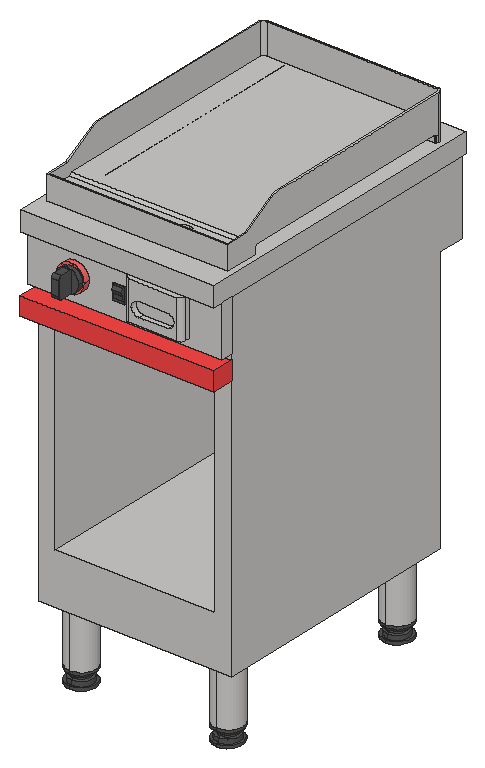
Revit family "ADB Electric grills cupboard 410", category Equipement spécialisé, Revit 2022
Family settings
  Cote de connecteur circulaire = Utiliser le diamètre
  Type d'élément = Normal
  Numéro OmniClass = 23.40.40.14.17.11
  Titre OmniClass = Cookers, Ovens, Stoves
  Basée sur le plan de construction = Non
  Toujours verticalement = Oui
  Couper avec des vides une fois chargée = Non
  Conserver l'orientation des annotations = Non
  Partagée = Non
  Repère de localisation dans la pièce = Non
Parameters (values of type "CME 410 SLKC")
  URL Cutsheet = "https://www.ambassade-de-bourgogne.com/fr/produits/armoires/grils/Resources/CME-410-SLKC.pdf"
  URL = "https://www.ambassade-de-bourgogne.com/fr/produits/armoires/grils/Resources/CME-410-SLKC.pdf"
  Electric Connection Type [instance] = "Bornier 40A"  # constant formula
  Item Number = ""
  Volts [instance] = 230 V  # constant formula
  Table = CME410 SLK_SLKC_gril électrique : SLKC
  Specification by Manufacturer = ""
  Electrical Remarks [instance] = "230V(MONO) commutable 400V(TRI)"  # constant formula
  Electric power [instance] = 3300 W  # constant formula
  Door hinges inversion option [instance] = no
  Depth [instance] = 652 mm + if([Wall-spacer DSA 400], 50 mm, 0 mm) + if(Door option CPM 400, 53 mm, 0 mm)  # 652 mm
  Door option CPM 400 [instance] = no
  Weight [instance] = 68.00 kg + if([Wall-spacer DSA 400], 1.00 kg, 0.00 kg) + if(Door option CPM 400, 5.00 kg, 0.00 kg)  # 68.00 kg
  Phase [instance] = 1  # constant formula
  Number of Poles [instance] = Phase  # 1
  Modèle = "CME 410 SLKC"
  Length [instance] = 400 mm  # constant formula
  Operational Current [instance] = Electric power / (230 V * Phase)  # 14.3478 A
  Height = 990 mm
  Cycle [instance] = 50 Hz  # constant formula
  Fabricant = "Société Industrielle de Lacanche"  # constant formula
  Elévation par défaut = 0 mm
  Shelves ECH 400 [instance] = no
  Wall-spacer DSA 400 [instance] = no
  Dosseret [instance] = if([Wall-spacer DSA 400], 50 mm, 0 mm)  # 0 mm
  Description = "Smooth chrome electric grill cupboard"
  Connectors [instance] = yes
  Commentaires du type = "Ambassade range - Electric grills & plancha"
  D = 740 mm
  C = 200 mm
Types (4, lengths in mm): name | URL Cutsheet | URL | Table | Modèle | Height | Description
  CME 410 GR | "https://www.ambassade-de-bourgogne.com/fr/produits/armoires/grils/Resources/CME-410-GR.pdf" | "https://www.ambassade-de-bourgogne.com/fr/produits/armoires/grils/Resources/CME-410-GR.pdf" | CME410 GR_GL_gril électrique : GR | "CME 410 GR" | 1015 | "Ridged cast iron electric grill cupboard"
  CME 410 GL | "https://www.ambassade-de-bourgogne.com/fr/produits/armoires/grils/Resources/CME-410-GL.pdf" | "https://www.ambassade-de-bourgogne.com/fr/produits/armoires/grils/Resources/CME-410-GL.pdf" | CME410 GR_GL_gril électrique : GL | "CME 410 GL" | 1015 | "Smooth cast iron electric grill cupboard"
  CME 410 SLK | "https://www.ambassade-de-bourgogne.com/fr/produits/armoires/grils/Resources/N53-CME_410_SLK.pdf" | "https://www.ambassade-de-bourgogne.com/fr/produits/armoires/grils/Resources/N53-CME_410_SLK.pdf" | CME410 SLK_SLKC_gril électrique : SLK | "CME 410 SLK" | 990 | "Smooth steel electric grill cupboard"
  CME 410 SLKC | "https://www.ambassade-de-bourgogne.com/fr/produits/armoires/grils/Resources/CME-410-SLKC.pdf" | "https://www.ambassade-de-bourgogne.com/fr/produits/armoires/grils/Resources/CME-410-SLKC.pdf" | CME410 SLK_SLKC_gril électrique : SLKC | "CME 410 SLKC" | 990 | "Smooth chrome electric grill cupboard"
Reference planes
  plane 1 "Centre (avant/arrière)": y = 0
  plane 2: z = 0
  plane 3 "Centre (gauche/droite)": x = 0
  plane 4 "gauche": x = -200
  plane 5 "droite": x = 200
  plane 6 "fond de meuble": y = 325
  plane 7 "avant": y = -325
  plane 8 "arrière": y = 325
  plane 9: z = 990
  plane 10: x = 0
  plane 11: z = 740
  plane 12: y = -327
Forms (mm)
  Extrusion 1, solid, material "ADB_Network_Electricity_Yellow", visible <- "Connectors", detail levels medium+fine
    sketch origin (200, 315, 707) x (-1, 0, 0) y (0, 0, 1)
      loop
        circle (200, 33) r 10
    from 0 to 10
  Extrusion 2, solid, detail levels coarse
    sketch origin (0, 0, 0) x (1, 0, 0) y (0, 1, 0)
      loop
        line (-200, 325.033) -> (-200, -327) -> (200, -327) -> (200, 325.033) -> (-200, 325.033)
    from 0 to 990 <- "Height"
  Extrusion 3, solid, material "ADB_Stainless Steel-Polished", detail levels fine
    sketch origin (121.5, 0, 0) x (1, 0, 0) y (0, 1, 0)
      loop
        arc (-110, -313.5) -> (-107.218, -320.218) -> (-100.5, -323) r 9.5
        line (-100.5, -323) -> (0.5, -323)
        arc (0.5, -323) -> (7.218, -320.218) -> (10, -313.5) r 9.5
        line (10, -313.5) -> (10, -306) -> (-110, -306) -> (-110, -313.5)
    from 770 to 850
  Extrusion 4, void
    sketch origin (309.416, -306, 860) x (-1, 0, 0) y (0, 0, -1)
      loop
        arc (267.812, 45) -> (282.812, 60) -> (267.812, 75) r 15
        line (267.812, 75) -> (208.021, 75)
        arc (208.021, 75) -> (193.021, 60) -> (208.021, 45) r 15
        line (208.021, 45) -> (267.812, 45)
    from 5 to 38.602
  Extrusion 5, solid, material "ADB_Plastic-Black", detail levels fine
    sketch origin (329, -306, 860) x (-1, 0, 0) y (0, 0, -1)
      loop
        line (352.5, 39.5) -> (352.5, 71.5) -> (327.5, 71.5) -> (327.5, 39.5) -> (352.5, 39.5)
    from 0 to 2
  Extrusion 6, solid, material "ADB_Plastic-Black", detail levels fine
    sketch origin (29, 0, 0.2) x (0, 1, 0) y (0, 0, 1)
      loop
        line (-308, 817.032) -> (-315.045, 811.027) -> (-309.906, 802.126) -> (-308, 792) -> (-308, 817.032)
    from -49.5 to -30.5
Cuts and joins
  Extrusion 4 cuts Extrusion 3
Dimensions and locks
  equal spacing: plane 5 "droite", plane 3 "Centre (gauche/droite)", plane 4 "gauche"
  "Length": plane 5 "droite" to plane 4 "gauche"
  plane 6 "fond de meuble" to plane 7 "avant" = 650 mm
  locked: plane 7 "avant" to plane 1 "Centre (avant/arrière)" at 325
  "Dosseret": plane 8 "arrière" to plane 6 "fond de meuble"
  "Height": plane 9 to plane 2
  "D": plane 2 to plane 11
  "C": plane 5 "droite" to plane 10
  locked: Extrusion 3 sketch curve to Extrusion 3 sketch curve at 120
  "Depth": plane 8 "arrière" to plane 12
  aligned and locked: level to plane 2
  aligned and locked: plane 3 "Centre (gauche/droite)" to nested 1
  aligned and locked: Extrusion 1 sketch curve to plane 10
  aligned and locked: plane 11 to Extrusion 1 sketch curve
  aligned and locked: plane 3 "Centre (gauche/droite)" to nested 3
  aligned and locked: Extrusion 2 to plane 12
Automatic sketch dimensions
  Extrusion 2 sketch curve to plane 4 "gauche" = 0 mm
  Extrusion 2 sketch curve to plane 5 "droite" = 0 mm
  Extrusion 2 sketch curve to plane 7 "avant" = 2 mm
  plane 8 "arrière" to Extrusion 2 sketch curve = 0.033 mm
  plane 4 "gauche" to Extrusion 3 sketch curve = 211.5 mm
  plane 7 "avant" to Extrusion 3 sketch curve = 11.5 mm
  Extrusion 3 sketch curve to Extrusion 3 sketch curve = 9.5 mm  (x2)
  plane 7 "avant" to Extrusion 3 sketch curve = 19 mm
  Extrusion 4 sketch curve to nested 1 = 45 mm
  nested 1 to Extrusion 4 sketch curve = 301.396 mm
  Extrusion 4 sketch curve to Extrusion 4 sketch curve = 59.792 mm
  Extrusion 4 sketch curve to Extrusion 4 sketch curve = 15 mm
  plane 3 "Centre (gauche/droite)" to Extrusion 5 sketch curve = 1.5 mm
  Extrusion 5 sketch curve to Extrusion 5 sketch curve = 25 mm
  Extrusion 5 sketch curve to plane 11 = 80.5 mm
  Extrusion 5 sketch curve to Extrusion 5 sketch curve = 32 mm
  plane 7 "avant" to Extrusion 6 sketch curve = 9.955 mm
  Extrusion 6 sketch curve to Extrusion 6 sketch curve = 5.139 mm
  Extrusion 6 sketch curve to Extrusion 6 sketch curve = 1.906 mm
  Extrusion 6 sketch curve to plane 11 = 52.2 mm
  Extrusion 6 sketch curve to Extrusion 6 sketch curve = 10.126 mm
  Extrusion 6 sketch curve to Extrusion 6 sketch curve = 8.901 mm
  Extrusion 6 sketch curve to Extrusion 6 sketch curve = 6.005 mm
  radius of Extrusion 1 sketch curve = 10 mm
Nested families
  nested 1: "Soubassement armoire" at (0, 0, 0), Dosseret <- "Wall-spacer DSA 400", Porte <- "Door option CPM 400", Door hinges inversion option <- "Door hinges inversion option", Echelle <- "Shelves ECH 400", type "1 armoire"
    with Depth 703 mm, Door hinges inversion option no, Porte no, Length 400 mm, Height 900 mm, Encombrement Porte standard no, Encombrement Porte inversée no, Echelle no, Décalage poignée 233.5 mm, Dosseret no, Longueur produit 400 mm
  nested 2: "Bouton" at (-103, -306, 804.565) x (1, 0, 0) z (0, -1, 0), type "Bouton"
  nested 3: "CME410 SLK_SLKC_gril électrique" at (0, 0, 900), type <- "Table", type "SLKC", detail levels medium+fine
Connectors
  electrical at (0, 315, 740), driven by "Number of Poles", driven by "Volts", driven by "Electric power"
    settings: on Extrusion 1, index 1, voltage 230 V, apparent load 3300 VA, apparent load phase1 0 VA, apparent load phase2 0 VA, apparent load phase3 0 VA, power factor 1, load classification "Autre", number of poles 1, system type 30, power factor state 1, is connector primary yes, connector utility no, sub classification motor no, connector description "Electrique"
Definition of nested family "Soubassement armoire"
  Parameters (values of type "1 armoire")
    Profondeur produit = 650 mm
    Profondeur baie libre = if(Baie libre, Profondeur produit - 68 mm, 1 mm)  # 582 mm
    Door hinges inversion option [instance] = no
    Longueur poignée = 229 mm  # constant formula
    Encombrement Porte inversée [instance] = and(Porte, Door hinges inversion option)  # no
    Encombrement Porte standard [instance] = and(Porte, not(Door hinges inversion option))  # no
    Porte [instance] = no
    Depth [instance] = Profondeur produit + if(Dosseret, 50 mm, 0 mm) + 53 mm  # 703 mm
    Longueur produit = 600 mm
    Length [instance] = Longueur produit  # 600 mm
    Hauteur produit = 900 mm
    Height [instance] = Hauteur produit + if(Dosseret, 100 mm, 0 mm)  # 900 mm
    Default Elevation = 0 mm
    Echelle [instance] = no
    Décalage poignée [instance] = if(Door hinges inversion option, Length, 233.5 mm)  # 233.5 mm
    Dosseret [instance] = no
    Baie libre = yes
  Reference planes
    plane 1 "Centre (avant/arrière)": y = 0
    plane 2: z = 0
    plane 3 "Centre (gauche/droite)": x = 0
    plane 4 "Gauche": x = -300
    plane 5 "Arrière": y = 325
    plane 6 "Droite": x = 300
    plane 7 "Avant": y = -325
    plane 8 "dessous meuble": z = 155
    plane 9 "Dessus de plan": z = 900
    plane 10 "Baguette coloré": z = 696
    plane 11 "dessous plan": z = 860
    plane 12 "Face": y = -280
    plane 13 "commande": z = 755
    plane 14 "dessus dosseret": z = 900
    plane 15: y = -377.967
    plane 16: y = 325.033
    plane 17 "Baguette colorë": y = -780
    plane 18: x = -66.5
  Forms (mm)
    Extrusion 1, solid, visible <- "Porte", detail levels medium+fine
      sketch origin (-300, 0, 0) x (0, 1, 0) y (0, 0, 1)
        loop
          line (-325, 155) -> (-280, 155) -> (-280, 696) -> (-325, 696) -> (-325, 155)
      from 0 to 600 <- "Length"
    Extrusion 2, solid, detail levels medium+fine
      sketch origin (-300, 0, 0) x (0, 1, 0) y (0, 0, 1)
        loop
          line (-280, 742.5) -> (-327, 742.5) -> (-327, 705) -> (-280, 705) -> (-280, 742.5)
      from 0 to 600 <- "Length"
    Extrusion 3, solid, detail levels medium+fine
      sketch origin (-300, 0, 0) x (0, 1, 0) y (0, 0, 1)
        loop
          line (325, 900) -> (-325, 900) -> (-325, 860) -> (325, 860) -> (325, 900)
      from 0 to 600 <- "Length"
    Extrusion 4, void
      sketch origin (0, -325, 0) x (-1, 0, 0) y (0, 0, 1)
        loop
          line (266, 679) -> (-266, 679) -> (-266, 261.5) -> (266, 261.5) -> (266, 679)
      from 0 to 582 <- "Profondeur baie libre"
    Extrusion 5, solid, detail levels medium+fine
      sketch origin (-300, 0, 0) x (0, 1, 0) y (0, 0, 1)
        loop
          line (-280, 860) -> (-306, 860) -> (-306, 755) -> (-280, 755) -> (-280, 860)
      from 0 to 600 <- "Length"
    Extrusion 6, solid, detail levels medium+fine
      sketch origin (-300, 0, 0) x (0, 1, 0) y (0, 0, 1)
        loop
          line (315, 860) -> (-280, 860) -> (-280, 155) -> (260, 155) -> (260, 707) -> (315, 707) -> (315, 860)
      from 0 to 600 <- "Length"
    Revolve 7, solid, detail levels medium+fine
      sketch origin (251.965, 0, 0) x (0, 1, 0) y (0, 0, -1)
        loop
          line (-258.968, -155) -> (-229, -155) -> (-229, 0) -> (-258.492, 0) -> (-258.492, -5) -> (-253.001, -5) -> (-253.001, -13.586) -> (-248.857, -16.488) -> (-248.857, -22) -> (-252.82, -22) -> (-258.968, -28.148) -> (-258.968, -34) -> (-258.968, -155)
        axis (-229, 0) -> (-229, -155)
      angle from 0 to 360
    Revolve 8, solid, detail levels medium+fine
      sketch origin (-251.965, 0, 0) x (0, 1, 0) y (0, 0, 1)
        loop
          line (-258.968, 155) -> (-258.968, 34) -> (-258.968, 28.148) -> (-252.82, 22) -> (-248.857, 22) -> (-248.857, 16.488) -> (-253.001, 13.586) -> (-253.001, 5) -> (-258.492, 5) -> (-258.492, 0) -> (-229, 0) -> (-229, 155) -> (-258.968, 155)
        axis (-229, 0) -> (-229, 155)
      angle from 0 to 360
    Revolve 9, solid, detail levels medium+fine
      sketch origin (-251.965, -20, 0) x (0, -1, 0) y (0, 0, -1)
        loop
          line (-258.968, -155) -> (-229, -155) -> (-229, 0) -> (-258.492, 0) -> (-258.492, -5) -> (-253.001, -5) -> (-253.001, -13.586) -> (-248.857, -16.488) -> (-248.857, -22) -> (-252.82, -22) -> (-258.968, -28.148) -> (-258.968, -34) -> (-258.968, -155)
        axis (-229, 0) -> (-229, -155)
      angle from 0 to 360
    Extrusion 10, solid, visible <- "Dosseret", detail levels medium+fine
      sketch origin (-300, 0, 0) x (0, 1, 0) y (0, 0, 1)
        loop
          line (375.033, 1000) -> (325, 1000) -> (325, 860) -> (375.033, 860) -> (375.033, 1000)
      from 0 to 600 <- "Length"
    Revolve 11, solid, detail levels medium+fine
      sketch origin (251.965, -20, 0) x (0, -1, 0) y (0, 0, 1)
        loop
          line (-258.968, 155) -> (-258.968, 34) -> (-258.968, 28.148) -> (-252.82, 22) -> (-248.857, 22) -> (-248.857, 16.488) -> (-253.001, 13.586) -> (-253.001, 5) -> (-258.492, 5) -> (-258.492, 0) -> (-229, 0) -> (-229, 155) -> (-258.968, 155)
        axis (-229, 0) -> (-229, 155)
      angle from 0 to 360
    Extrusion 12, void
      sketch origin (0, 0, 900) x (0, -1, 0) y (1, 0, 0)
        loop
          line (-307.033, -266.567) -> (-293.033, -266.567) -> (-293.033, 266.464) -> (-307.033, 266.464) -> (-307.033, -266.567)
      from 0 to -0.8
    Extrusion 13, solid, detail levels medium+fine
      sketch origin (-300, 260, 155) x (0, 0, 1) y (1, 0, 0)
        loop
          line (65, 454) -> (65, 146) -> (552, 146) -> (552, 454) -> (65, 454)
      from 0 to 35
    Extrusion 14, solid, visible <- "Echelle", detail levels medium+fine
      sketch origin (0, 0, 0) x (1, 0, 0) y (0, 0, 1)
        loop
          line (-266, 648.8) -> (-266, 623.8) -> (-256.5, 623.8) -> (-256.5, 625) -> (-264.8, 625) -> (-264.8, 647.6) -> (-248, 647.6) -> (-248, 648.8) -> (-266, 648.8)
        loop
          line (-266, 548.8) -> (-266, 523.8) -> (-256.5, 523.8) -> (-256.5, 525) -> (-264.8, 525) -> (-264.8, 547.6) -> (-248, 547.6) -> (-248, 548.8) -> (-266, 548.8)
        loop
          line (-266, 448.8) -> (-266, 423.8) -> (-256.5, 423.8) -> (-256.5, 425) -> (-264.8, 425) -> (-264.8, 447.6) -> (-248, 447.6) -> (-248, 448.8) -> (-266, 448.8)
        loop
          line (-266, 348.8) -> (-266, 323.8) -> (-256.5, 323.8) -> (-256.5, 325) -> (-264.8, 325) -> (-264.8, 347.6) -> (-248, 347.6) -> (-248, 348.8) -> (-266, 348.8)
      from -113.466 to 206.5
    Extrusion 15, solid, visible <- "Echelle", detail levels medium+fine
      sketch origin (0, 0, 0) x (-1, 0, 0) y (0, 0, -1)
        loop
          line (-266, -648.8) -> (-248, -648.8) -> (-248, -647.6) -> (-264.8, -647.6) -> (-264.8, -625) -> (-256.5, -625) -> (-256.5, -623.8) -> (-266, -623.8) -> (-266, -648.8)
        loop
          line (-266, -548.8) -> (-248, -548.8) -> (-248, -547.6) -> (-264.8, -547.6) -> (-264.8, -525) -> (-256.5, -525) -> (-256.5, -523.8) -> (-266, -523.8) -> (-266, -548.8)
        loop
          line (-266, -448.8) -> (-248, -448.8) -> (-248, -447.6) -> (-264.8, -447.6) -> (-264.8, -425) -> (-256.5, -425) -> (-256.5, -423.8) -> (-266, -423.8) -> (-266, -448.8)
        loop
          line (-266, -348.8) -> (-248, -348.8) -> (-248, -347.6) -> (-264.8, -347.6) -> (-264.8, -325) -> (-256.5, -325) -> (-256.5, -323.8) -> (-266, -323.8) -> (-266, -348.8)
      from -113.466 to 206.5
  Cuts and joins
    Extrusion 4 cuts Extrusion 6
    Extrusion 12 cuts Extrusion 10
  Lines and regions (mm)
    symbolic lines, visible <- "Encombrement Porte standard"
      curve 1: line (300, -280, 155) -> (300, -880, 155)
      curve 4: arc (-300, -280, 155) -> (-124.264, -704.264, 155) -> (300, -880, 155) r 600
    symbolic lines, visible <- "Encombrement Porte inversée"
      curve 2: line (-300, -280, 155) -> (-300, -880, 155)
      curve 3: arc (300, -280, 155) -> (124.264, -704.264, 155) -> (-300, -880, 155) r 600
  Dimensions and locks
    equal spacing: plane 7 "Avant", plane 1 "Centre (avant/arrière)", plane 5 "Arrière"
    "Profondeur produit": plane 5 "Arrière" to plane 7 "Avant"
    equal spacing: plane 4 "Gauche", plane 3 "Centre (gauche/droite)", plane 6 "Droite"
    "Longueur produit": plane 4 "Gauche" to plane 6 "Droite"
    "Hauteur produit": plane 9 "Dessus de plan" to plane 2
    locked: plane 8 "dessous meuble" to plane 2 at 155
    locked: plane 9 "Dessus de plan" to plane 11 "dessous plan" at 40
    locked: plane 7 "Avant" to plane 12 "Face" at 45
    locked: plane 13 "commande" to plane 10 "Baguette coloré" at 59
    locked: plane 11 "dessous plan" to plane 13 "commande" at 105
    Extrusion 4 sketch curve to plane 8 "dessous meuble" = 106.5 mm
    Extrusion 4 sketch curve to plane 6 "Droite" = 34 mm
    Extrusion 4 sketch curve to plane 4 "Gauche" = 34 mm
    plane 10 "Baguette coloré" to Extrusion 4 sketch curve = 17 mm
    "Height": plane 14 "dessus dosseret" to plane 2
    locked: plane 7 "Avant" to plane 15 at 52.967
    "Depth": plane 15 to plane 16
    equal spacing: Extrusion 13 sketch curve, plane 3 "Centre (gauche/droite)", Extrusion 13 sketch curve
    "Décalage poignée": plane 18 to plane 4 "Gauche"
    locked: plane 4 "Gauche" to Revolve 9 at 18.067
    locked: Revolve 11 to plane 6 "Droite" at 18.067
    locked: Revolve 7 to plane 6 "Droite" at 18.067
    locked: plane 4 "Gauche" to Revolve 8 at 18.067
    locked: Revolve 8 to plane 12 "Face" at 21.032
    locked: Revolve 7 to plane 12 "Face" at 21.032
    locked: plane 5 "Arrière" to Extrusion 10 sketch curve at 50.033
    plane 16 to Extrusion 12 sketch curve to Extrusion 12 sketch curve = 18 mm locked, 14 mm locked
    aligned and locked: level to plane 2
    aligned and locked: plane 18 to nested 1
  Automatic sketch dimensions
    Extrusion 1 sketch curve to plane 7 "Avant" = 0 mm
    Extrusion 1 sketch curve to plane 10 "Baguette coloré" = 0 mm
    Extrusion 1 sketch curve to plane 12 "Face" = 0 mm
    Extrusion 1 sketch curve to plane 8 "dessous meuble" = 0 mm
    Extrusion 2 sketch curve to plane 12 "Face" = 0 mm
    Extrusion 2 sketch curve to plane 7 "Avant" = 2 mm
    plane 10 "Baguette coloré" to Extrusion 2 sketch curve = 9 mm
    Extrusion 2 sketch curve to plane 13 "commande" = 12.5 mm
    Extrusion 3 sketch curve to plane 7 "Avant" = 0 mm
    Extrusion 3 sketch curve to plane 5 "Arrière" = 0 mm
    Extrusion 3 sketch curve to plane 11 "dessous plan" = 0 mm
    Extrusion 3 sketch curve to plane 9 "Dessus de plan" = 0 mm
    Extrusion 5 sketch curve to plane 11 "dessous plan" = 0 mm
    Extrusion 5 sketch curve to plane 13 "commande" = 0 mm
    Extrusion 5 sketch curve to plane 12 "Face" = 0 mm
    plane 7 "Avant" to Extrusion 5 sketch curve = 19 mm
    Extrusion 6 sketch curve to plane 11 "dessous plan" = 0 mm
    Extrusion 6 sketch curve to plane 12 "Face" = 0 mm
    Extrusion 6 sketch curve to plane 8 "dessous meuble" = 0 mm
    Extrusion 6 sketch curve to plane 5 "Arrière" = 65 mm
    Extrusion 6 sketch curve to plane 5 "Arrière" = 10 mm
    plane 10 "Baguette coloré" to Extrusion 6 sketch curve = 11 mm
    Revolve 7 sketch curve to plane 8 "dessous meuble" = 0 mm
    Revolve 7 sketch curve to level = 0 mm
    plane 12 "Face" to Revolve 7 sketch curve = 21.032 mm
    plane 12 "Face" to Revolve 7 sketch curve = 21.508 mm
    Revolve 7 sketch curve to Revolve 7 sketch curve = 5.491 mm
    Revolve 7 sketch curve to Revolve 7 sketch curve = 0.181 mm
    Revolve 7 sketch curve to Revolve 7 sketch curve = 3.964 mm
    Revolve 7 sketch curve to Revolve 7 sketch curve = 24.001 mm
    level to Revolve 7 sketch curve = 34 mm
    Revolve 7 sketch curve to Revolve 7 sketch curve = 5.852 mm
    Revolve 7 sketch curve to Revolve 7 sketch curve = 6.148 mm
    Revolve 7 sketch curve to Revolve 7 sketch curve = 5.512 mm
    Revolve 7 sketch curve to Revolve 7 sketch curve = 2.902 mm
    level to Revolve 7 sketch curve = 5 mm
    Revolve 7 sketch curve to Revolve 7 sketch curve = 0 mm
    plane 8 "dessous meuble" to Revolve 7 sketch curve = 19 mm
    Revolve 7 sketch curve to Revolve 7 sketch curve = 12 mm
    Revolve 8 sketch curve to plane 8 "dessous meuble" = 0 mm
    Revolve 8 sketch curve to level = 0 mm
    plane 12 "Face" to Revolve 8 sketch curve = 21.032 mm
    plane 12 "Face" to Revolve 8 sketch curve = 21.508 mm
    Revolve 8 sketch curve to Revolve 8 sketch curve = 5.491 mm
    Revolve 8 sketch curve to Revolve 8 sketch curve = 0.181 mm
    Revolve 8 sketch curve to Revolve 8 sketch curve = 3.964 mm
    Revolve 8 sketch curve to Revolve 8 sketch curve = 24.001 mm
    level to Revolve 8 sketch curve = 5 mm
    Revolve 8 sketch curve to Revolve 8 sketch curve = 8.586 mm
    Revolve 8 sketch curve to Revolve 8 sketch curve = 2.902 mm
    Revolve 8 sketch curve to Revolve 8 sketch curve = 5.512 mm
    Revolve 8 sketch curve to Revolve 8 sketch curve = 6.148 mm
    Revolve 8 sketch curve to Revolve 8 sketch curve = 5.852 mm
    Revolve 8 sketch curve to Revolve 8 sketch curve = 0 mm
    Revolve 8 sketch curve to Revolve 8 sketch curve = 12 mm
    plane 8 "dessous meuble" to Revolve 8 sketch curve = 19 mm
    Revolve 9 sketch curve to plane 8 "dessous meuble" = 0 mm
    Revolve 9 sketch curve to level = 0 mm
    level to Revolve 9 sketch curve = 28.148 mm
    Revolve 9 sketch curve to plane 5 "Arrière" = 86.032 mm
    Revolve 9 sketch curve to Revolve 9 sketch curve = 0.477 mm
    level to Revolve 9 sketch curve = 13.586 mm
    Revolve 9 sketch curve to Revolve 9 sketch curve = 5.491 mm
    Revolve 9 sketch curve to Revolve 9 sketch curve = 0.181 mm
    Revolve 9 sketch curve to Revolve 9 sketch curve = 3.964 mm
    Revolve 9 sketch curve to Revolve 9 sketch curve = 24.001 mm
    Revolve 9 sketch curve to Revolve 9 sketch curve = 5.852 mm
    Revolve 9 sketch curve to Revolve 9 sketch curve = 8.414 mm
    Revolve 9 sketch curve to Revolve 9 sketch curve = 2.902 mm
    level to Revolve 9 sketch curve = 5 mm
    Revolve 9 sketch curve to Revolve 9 sketch curve = 0 mm
    plane 8 "dessous meuble" to Revolve 9 sketch curve = 19 mm
    Revolve 9 sketch curve to Revolve 9 sketch curve = 12 mm
    Extrusion 10 sketch curve to plane 5 "Arrière" = 0 mm
    Extrusion 10 sketch curve to plane 11 "dessous plan" = 0 mm
    plane 9 "Dessus de plan" to Extrusion 10 sketch curve = 100 mm
    curve 3 to plane 6 "Droite" = 0 mm
    curve 3 to plane 4 "Gauche" = 0 mm
    curve 4 to plane 4 "Gauche" = 0 mm
    curve 4 to plane 12 "Face" = 0 mm
    curve 2 to plane 12 "Face" = 0 mm
    curve 3 to plane 12 "Face" = 0 mm
    Revolve 11 sketch curve to plane 8 "dessous meuble" = 0 mm
    Revolve 11 sketch curve to level = 0 mm
    level to Revolve 11 sketch curve = 28.148 mm
    Revolve 11 sketch curve to plane 5 "Arrière" = 86.032 mm
    Revolve 11 sketch curve to Revolve 11 sketch curve = 0.477 mm
    level to Revolve 11 sketch curve = 13.586 mm
    Revolve 11 sketch curve to Revolve 11 sketch curve = 5.491 mm
    Revolve 11 sketch curve to Revolve 11 sketch curve = 0.181 mm
    Revolve 11 sketch curve to Revolve 11 sketch curve = 3.964 mm
    Revolve 11 sketch curve to Revolve 11 sketch curve = 24.001 mm
    level to Revolve 11 sketch curve = 5 mm
    Revolve 11 sketch curve to Revolve 11 sketch curve = 2.902 mm
    Revolve 11 sketch curve to Revolve 11 sketch curve = 5.512 mm
    Revolve 11 sketch curve to Revolve 11 sketch curve = 5.852 mm
    Revolve 11 sketch curve to Revolve 11 sketch curve = 0 mm
    Revolve 11 sketch curve to Revolve 11 sketch curve = 12 mm
    plane 8 "dessous meuble" to Revolve 11 sketch curve = 19 mm
    plane 4 "Gauche" to Extrusion 12 sketch curve = 33.433 mm
    plane 6 "Droite" to Extrusion 12 sketch curve = 33.536 mm
    Extrusion 13 sketch curve to Extrusion 6 = 0 mm
    Extrusion 6 to Extrusion 13 sketch curve = 65 mm
    Extrusion 6 to Extrusion 13 sketch curve = 146 mm
    plane 4 "Gauche" to Extrusion 14 sketch curve = 34 mm  (x4)
    Extrusion 14 sketch curve to Extrusion 14 sketch curve = 1.2 mm  (x12)
    Extrusion 14 sketch curve to Extrusion 14 sketch curve = 8.3 mm  (x4)
    Extrusion 14 sketch curve to Extrusion 14 sketch curve = 16.8 mm  (x4)
    plane 8 "dessous meuble" to Extrusion 14 sketch curve = 168.8 mm
    Extrusion 14 sketch curve to Extrusion 14 sketch curve = 22.6 mm  (x4)
    Extrusion 14 sketch curve to Extrusion 14 sketch curve = 75 mm  (x2)
    Extrusion 14 sketch curve to plane 10 "Baguette coloré" = 72.2 mm
    plane 6 "Droite" to Extrusion 15 sketch curve = 34 mm  (x4)
    Extrusion 15 sketch curve to Extrusion 15 sketch curve = 1.2 mm  (x12)
    Extrusion 15 sketch curve to Extrusion 15 sketch curve = 8.3 mm  (x4)
    Extrusion 15 sketch curve to Extrusion 15 sketch curve = 16.8 mm  (x4)
    Extrusion 15 sketch curve to plane 10 "Baguette coloré" = 47.2 mm
    Extrusion 15 sketch curve to Extrusion 15 sketch curve = 22.6 mm  (x4)
    Extrusion 15 sketch curve to Extrusion 15 sketch curve = 75 mm  (x3)
    curve 1 to plane 6 "Droite" = 0 mm
    curve 1 to plane 12 "Face" = 0 mm
  Nested families
    nested 1: "Poignée" at (-181, -325, 681.933) x (1, 0, 0) z (0, -1, 0), visible <- "Porte", Longueur <- "Longueur poignée", type "Poignée", detail levels fine
      with Longueur 229 mm
  Definition of nested family "Poignée"
    Parameters (values of type "Poignée")
      Longueur [instance] = 800 mm
      Default Elevation = 1219.2 mm
    Reference planes
      plane 1 "Centre (avant/arrière)": y = 0
      plane 2: z = 0
      plane 3 "Centre (gauche/droite)": x = 0
      plane 4: x = -400
      plane 5: x = 400
      plane 6: x = -395
      plane 7: x = 395
    Forms (mm)
      Extrusion 1, solid
        sketch origin (0, 0, 0) x (1, 0, 0) y (0, 1, 0)
          loop
            line (-1219.2, 1219.2) -> (-1219.2, -1219.2) -> (1219.2, -1219.2) -> (1219.2, 1219.2) -> (-1219.2, 1219.2)
        from 0 to -304.8
      Extrusion 2, solid
        sketch origin (0, 0, 0) x (0, 1, 0) y (0, 0, 1)
          loop
            circle (0, 38.995) r 13.972
        from -395 to 395
      Extrusion 3, solid
        sketch origin (0, 0, 0) x (1, 0, 0) y (0, 1, 0)
          loop
            circle (-363.542, 0) r 8.5
          loop
            circle (363.453, 0) r 8.5
        from 0 to 37.089
    Cuts and joins
      joined: Extrusion 2, Extrusion 3
    Dimensions and locks
      equal spacing: plane 4, plane 3 "Centre (gauche/droite)", plane 5
      "Longueur": plane 4 to plane 5
      locked: plane 4 to plane 6 at 5
      locked: plane 7 to plane 5 at 5
      locked: plane 6 to Extrusion 3 sketch curve at 31.458
      locked: Extrusion 3 sketch curve to plane 7 at 31.547
      aligned and locked: plane 2 to Extrusion 1
      aligned and locked: level to Extrusion 1
      aligned and locked: plane 6 to Extrusion 2
      aligned and locked: Extrusion 2 to plane 7
      aligned and locked: plane 1 "Centre (avant/arrière)" to Extrusion 3 sketch curve
    Automatic sketch dimensions
      Extrusion 1 sketch curve to Extrusion 1 sketch curve = 2438.4 mm  (x2)
      Extrusion 2 sketch curve to plane 1 "Centre (avant/arrière)" = 0 mm
      level to Extrusion 2 sketch curve = 38.995 mm
      plane 1 "Centre (avant/arrière)" to Extrusion 3 sketch curve = 0 mm
      radius of Extrusion 2 sketch curve = 13.972 mm
      radius of Extrusion 3 sketch curve = 8.5 mm  (x2)
Definition of nested family "Bouton"
  Parameters (values of type "Bouton")
    Matériau base bouton = none
    Default Elevation = 1219.2 mm
  Reference planes
    plane 1 "Centre (avant/arrière)": y = 0
    plane 2: z = 0
    plane 3 "Centre (gauche/droite)": x = 0
  Forms (mm)
    Extrusion 1, solid
      sketch origin (0, 0, 0) x (1, 0, 0) y (0, 1, 0)
        loop
          line (-1219.2, 1219.2) -> (-1219.2, -1219.2) -> (1219.2, -1219.2) -> (1219.2, 1219.2) -> (-1219.2, 1219.2)
      from 0 to -304.8
    Extrusion 2, solid, material <- "Matériau base bouton", detail levels fine
      sketch origin (0, 0, 0) x (1, 0, 0) y (0, 1, 0)
        loop
          circle (0, 0) r 28.5
      from 0 to 11.5
    Extrusion 3, solid, detail levels fine
      sketch origin (0, 0, 0) x (1, 0, 0) y (0, 1, 0)
        loop
          circle (0, 0) r 24.1
      from 11.5 to 20.5
    Extrusion 4, solid, detail levels fine
      sketch origin (0, 0, 0) x (1, 0, 0) y (0, 0, 1)
        loop
          line (-8.082, 20.5) -> (8.082, 20.5) -> (7.58, 49.253)
          arc (7.58, 49.253) -> (6.684, 51.34) -> (4.581, 52.2) r 3
          line (4.581, 52.2) -> (-4.581, 52.2)
          arc (-4.581, 52.2) -> (-6.684, 51.34) -> (-7.58, 49.253) r 3
          line (-7.58, 49.253) -> (-8.082, 20.5)
      from -22.082 to 22.162
    Extrusion 5, void
      sketch origin (0, 0, 0) x (0, 1, 0) y (0, 0, 1)
        loop
          line (-15.762, 50.701) -> (15.682, 50.701)
          arc (15.682, 50.701) -> (20.208, 48.826) -> (22.082, 44.301) r 6.4
          line (22.082, 44.301) -> (22.082, 41.701) -> (24.232, 41.701) -> (24.232, 54.688) -> (-24.768, 54.688) -> (-24.768, 41.701) -> (-22.162, 41.701) -> (-22.162, 44.301)
          arc (-22.162, 44.301) -> (-20.287, 48.826) -> (-15.762, 50.701) r 6.4
      from -15.908 to 13.709
  Cuts and joins
    Extrusion 5 cuts Extrusion 4
  Lines and regions (mm)
    symbolic lines, detail levels fine
      curve 1: line (0, -28.5, 0) -> (0, 28.5, 0)
  Dimensions and locks
    aligned and locked: plane 2 to Extrusion 1
    aligned and locked: level to Extrusion 1
Definition of nested family "CME410 SLK_SLKC_gril électrique"
  Parameters (values of type "SLKC")
    Longueur plancha = Longueur - 26 mm  # 374 mm
    Habillage = none
    Longueur = 400 mm
    Largeur = 650 mm
    Default Elevation = 1219.2 mm
  Types (3): name
    (no name)
    SLK
    SLKC
  Reference planes
    plane 1 "Centre (avant/arrière)": y = 0
    plane 2: z = 0
    plane 3 "Centre (gauche/droite)": x = 0
    plane 4: y = 325
    plane 5: y = -325
    plane 6: x = 200
    plane 7: x = -200
    plane 8: x = -187
    plane 9: x = 187
  Forms (mm)
    Extrusion 1, solid
      sketch origin (0, 0, 0) x (1, 0, 0) y (0, 1, 0)
        loop
          line (-1219.2, 1219.2) -> (-1219.2, -1219.2) -> (1219.2, -1219.2) -> (1219.2, 1219.2) -> (-1219.2, 1219.2)
      from 0 to -304.8
    Extrusion 2, solid, material <- "Habillage"
      sketch origin (0, 0, 0) x (1, 0, 0) y (0, 1, 0)
        loop
          line (-187, 272.048) -> (-187, -273.983) -> (187, -273.983) -> (187, 272.048)
          arc (187, 272.048) -> (183.778, 279.826) -> (176, 283.048) r 11
          line (176, 283.048) -> (-176, 283.048)
          arc (-176, 283.048) -> (-183.778, 279.826) -> (-187, 272.048) r 11
        loop
          line (-184, 272.048) -> (-184, -270.983) -> (184, -270.983) -> (184, 272.048)
          arc (184, 272.048) -> (181.657, 277.705) -> (176, 280.048) r 8
          line (176, 280.048) -> (-176, 280.048)
          arc (-176, 280.048) -> (-181.657, 277.705) -> (-184, 272.048) r 8
      from 0 to 92.033
    Extrusion 3, void
      sketch origin (0, 0, 0) x (0, 1, 0) y (0, 0, 1)
        loop
          line (-104, 112) -> (-285.597, 112) -> (-285.597, 49.448) -> (-223.976, 49.403) -> (-161.719, 85.347)
          arc (-161.719, 85.347) -> (-149.684, 90.332) -> (-136.769, 92.033) r 49.9
          line (-136.769, 92.033) -> (-104, 92.033) -> (-104, 112)
      from -200 to 200
    Extrusion 4, solid, material <- "Habillage"
      sketch origin (0, 0.952, 0) x (1, 0, 0) y (0, 1, 0)
        loop
          line (176, 279.096) -> (-176, 279.096)
          arc (-176, 279.096) -> (-181.657, 276.753) -> (-184, 271.096) r 8
          line (-184, 271.096) -> (-184, -271.935) -> (184, -271.935) -> (184, 271.096)
          arc (184, 271.096) -> (181.657, 276.753) -> (176, 279.096) r 8
      from 0 to 29.492
    Extrusion 5, void
      sketch origin (0, 0, 0) x (0, 1, 0) y (0, 0, 1)
        loop
          line (-266.126, 28.524) -> (-261.04, 23.612) -> (-221.046, 24.309) -> (-210.298, 35.437) -> (-270.983, 35.437) -> (-270.983, 28.44) -> (-266.126, 28.524)
      from -280 to 280
    Extrusion 6, void
      sketch origin (0, 0, 0) x (1, 0, 0) y (0, 1, 0)
        loop
          circle (72.021, -245.004) r 15
      from 0 to 61.472
    Extrusion 7, void
      sketch origin (0, 0, 0) x (0, 1, 0) y (0, 0, 1)
        loop
          line (-203.012, 12.383) -> (-203.012, 0) -> (266.988, 0) -> (266.988, 11.783)
          arc (266.988, 11.783) -> (265.348, 15.743) -> (261.388, 17.383) r 5.6
          line (261.388, 17.383) -> (-198.012, 17.383)
          arc (-198.012, 17.383) -> (-201.548, 15.919) -> (-203.012, 12.383) r 5
      from -200 to 200
    Extrusion 8, void
      sketch origin (0, 0, 0) x (1, 0, 0) y (0, 0, 1)
        loop
          line (135, 25.033) -> (-135, 25.033)
          arc (-135, 25.033) -> (-138.536, 23.568) -> (-140, 20.033) r 5
          line (-140, 20.033) -> (-140, 0) -> (140, 0) -> (140, 20.033)
          arc (140, 20.033) -> (138.536, 23.568) -> (135, 25.033) r 5
      from -325 to 203.012
  Cuts and joins
    Extrusion 3, Extrusion 7, Extrusion 8 cuts Extrusion 2
    Extrusion 5, Extrusion 6, Extrusion 7, Extrusion 8 cuts Extrusion 4
  Dimensions and locks
    "Largeur": plane 5 to plane 4
    "Longueur": plane 7 to plane 6
    "Longueur plancha": plane 8 to plane 9
    equal spacing: plane 7, plane 3 "Centre (gauche/droite)", plane 6
    equal spacing: plane 8, plane 3 "Centre (gauche/droite)", plane 9
    aligned and locked: plane 2 to Extrusion 1
    aligned and locked: level to Extrusion 1
    aligned and locked: plane 8 to Extrusion 2 sketch curve
    aligned and locked: plane 9 to Extrusion 2 sketch curve
  Automatic sketch dimensions
    Extrusion 1 sketch curve to Extrusion 1 sketch curve = 2438.4 mm  (x2)
    Extrusion 4 sketch curve to plane 5 = 54.017 mm
    plane 4 to Extrusion 4 sketch curve = 52.952 mm
    Extrusion 6 sketch curve to plane 5 = 79.996 mm
    Extrusion 4 sketch curve to plane 7 = 24 mm
    Extrusion 4 sketch curve to plane 7 = 16 mm
    plane 3 "Centre (gauche/droite)" to Extrusion 6 sketch curve = 72.021 mm
    plane 6 to Extrusion 4 sketch curve = 24 mm
    plane 9 to Extrusion 4 sketch curve = 3 mm
    Extrusion 2 sketch curve to plane 8 = 3 mm
    Extrusion 2 sketch curve to Extrusion 2 sketch curve = 8 mm
    Extrusion 2 sketch curve to Extrusion 2 sketch curve = 0 mm  (x3)
    plane 9 to Extrusion 2 sketch curve = 11 mm
    plane 9 to Extrusion 2 sketch curve = 3 mm
    Extrusion 2 sketch curve to plane 5 = 51.017 mm
    Extrusion 2 sketch curve to Extrusion 2 sketch curve = 3 mm
    plane 4 to Extrusion 2 sketch curve = 52.952 mm
    Extrusion 3 sketch curve to plane 5 = 39.403 mm
    level to Extrusion 3 sketch curve = 49.403 mm
    Extrusion 3 sketch curve to Extrusion 3 sketch curve = 61.621 mm
    Extrusion 3 sketch curve to Extrusion 3 sketch curve = 62.257 mm
    Extrusion 3 sketch curve to Extrusion 3 sketch curve = 24.95 mm
    level to Extrusion 3 sketch curve = 42.133 mm
    Extrusion 3 sketch curve to Extrusion 3 sketch curve = 43.215 mm
    Extrusion 3 sketch curve to Extrusion 3 sketch curve = 62.597 mm
    Extrusion 3 sketch curve to Extrusion 3 sketch curve = 32.769 mm
    level to Extrusion 3 sketch curve = 49.448 mm
    level to Extrusion 5 sketch curve = 28.44 mm
    Extrusion 5 sketch curve to plane 5 = 58.874 mm
    level to Extrusion 5 sketch curve = 23.612 mm
    Extrusion 5 sketch curve to Extrusion 5 sketch curve = 5.086 mm
    level to Extrusion 5 sketch curve = 24.309 mm
    Extrusion 5 sketch curve to Extrusion 5 sketch curve = 39.994 mm
    Extrusion 5 sketch curve to Extrusion 5 sketch curve = 4.857 mm
    Extrusion 5 sketch curve to Extrusion 5 sketch curve = 10.748 mm
    Extrusion 5 sketch curve to Extrusion 5 sketch curve = 0.085 mm
    Extrusion 5 sketch curve to Extrusion 5 sketch curve = 6.998 mm
    level to Extrusion 7 sketch curve = 12.383 mm
    Extrusion 7 sketch curve to plane 5 = 121.988 mm
    Extrusion 7 sketch curve to Extrusion 7 sketch curve = 5 mm
    level to Extrusion 7 sketch curve = 11.783 mm
    plane 4 to Extrusion 7 sketch curve = 63.612 mm
    Extrusion 7 sketch curve to level = 0 mm
    Extrusion 8 sketch curve to plane 8 = 47 mm
    Extrusion 8 sketch curve to Extrusion 8 sketch curve = 5 mm  (x2)
    level to Extrusion 8 sketch curve = 20.033 mm
    plane 9 to Extrusion 8 sketch curve = 52 mm
    level to Extrusion 8 sketch curve = 0 mm
    radius of Extrusion 6 sketch curve = 15 mm
